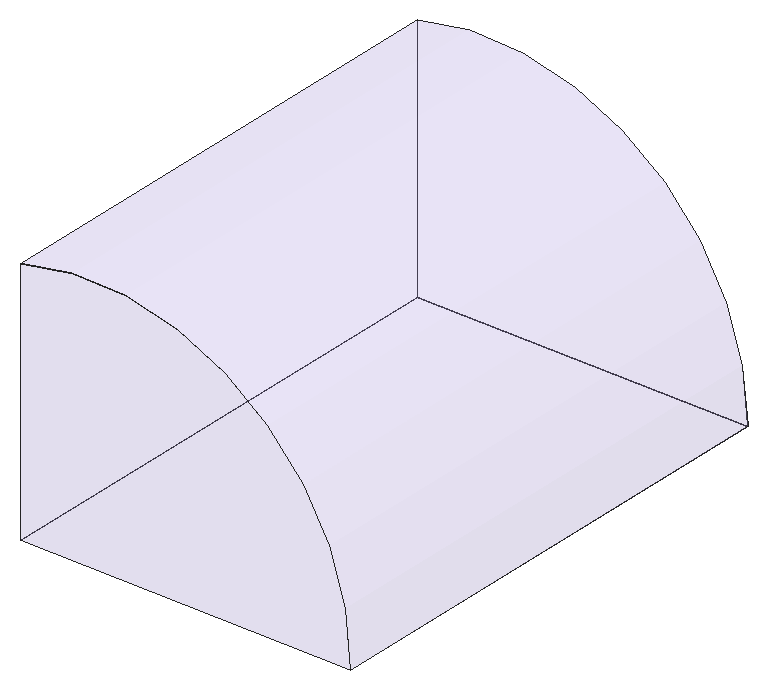
Revit family
Parameters (values of type "10000 x 15000 x 7500")
  Width [instance] = 10000 mm
  Material [instance] = none
  Height [instance] = 7500 mm
  Depth [instance] = 15000 mm
  Assembly Code = ""
Reference planes
  plane 1 "Center (Front/Back)": y = 12.955
  plane 2: z = 0
  plane 3: y = 7512.955
  plane 4: x = 4541.739
  plane 5: x = -5458.261
  plane 6: y = -7487.045
  plane 7: z = 7500
Forms (mm)
  Extrusion 1, solid, material <- "Material"
    sketch origin (0, 12.955, 0) x (1, 0, 0) y (0, 0, 1)
      loop
        arc (4541.739, 0) -> (1416.667, 6249.904) -> (-5458.261, 7500) r 7812.68
        line (-5458.261, 7500) -> (-5458.261, 0) -> (4541.739, 0)
    from -7500 to 7500
Dimensions and locks
  plane 3 to plane 1 "Center (Front/Back)" to plane 6 = 7500 mm, 7500 mm
  "Depth": plane 3 to plane 6
  "Height": plane 7 to level
  "Width": plane 4 to plane 5
  aligned: Extrusion 1 sketch curve to plane 4
  aligned: Extrusion 1 sketch curve to level
  aligned: Extrusion 1 to plane 6
  aligned: Extrusion 1 to plane 3
Automatic sketch dimensions
  Extrusion 1 sketch curve to plane 5 = 0 mm
  Extrusion 1 sketch curve to plane 7 = 0 mm
  Extrusion 1 sketch curve to level = 0.24 mm
